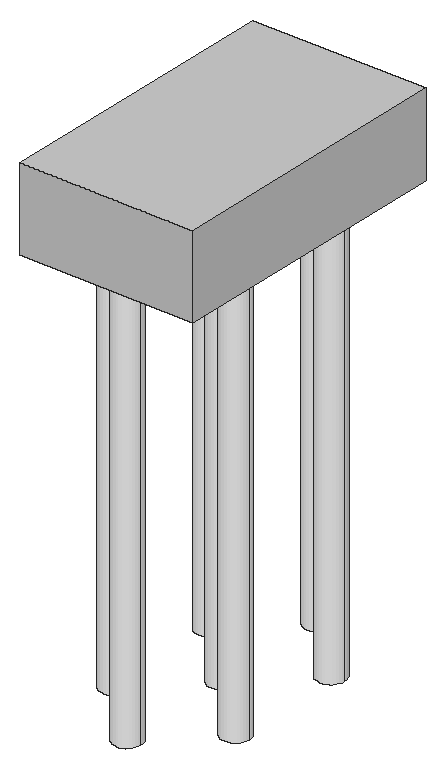
Revit family
Parameters (values of type "4200 x 2500 x 1200mm")
  Width = 2500 mm
  Thickness = 1200 mm
  파일 유형 = M_파일-스틸 파이프 : 400mm 지름
  Length = 4200 mm
  기초 재료 [instance] = 콘크리트 - 현장타설 콘크리트
  절단 = 150 mm
  간격 = 375 mm
  Assembly Code = "A1010130"
Reference planes
  plane 1 "중심(앞/뒤)": y = 0
  plane 2: z = 0
  plane 3 "중심(왼쪽/오른쪽)": x = 0
  plane 4: x = -1250
  plane 5: x = 1250
  plane 6: y = 2100
  plane 7: y = -2100
  plane 8: z = -1200
  plane 9: x = -875
  plane 10: x = 875
  plane 11: y = 1725
  plane 12: y = -1725
  plane 13: y = 862.5
  plane 14: y = -862.5
  plane 15: z = -1050
Forms (mm)
  Extrusion 1, solid, material "콘크리트 - 현장타설 콘크리트" <- "기초 재료"
    sketch origin (0, 0, 0) x (1, 0, 0) y (0, 1, 0)
      loop
        line (-1250, 2100) -> (-1250, -2100) -> (1250, -2100) -> (1250, 2100) -> (-1250, 2100)
    from -1200 to 0
Dimensions and locks
  "Width": plane 4 to plane 5
  "Length": plane 6 to plane 7
  equal spacing: plane 6, plane 1 "중심(앞/뒤)", plane 7
  equal spacing: plane 4, plane 3 "중심(왼쪽/오른쪽)", plane 5
  "Thickness": plane 2 to plane 8
  "간격": plane 4 to plane 9
  "간격": plane 10 to plane 5
  "간격": plane 6 to plane 11
  "간격": plane 7 to plane 12
  equal spacing: plane 12, plane 14, plane 1 "중심(앞/뒤)"
  equal spacing: plane 1 "중심(앞/뒤)", plane 13, plane 11
  "절단": plane 15 to plane 8
  aligned and locked: Extrusion 1 sketch curve to plane 4
  aligned and locked: Extrusion 1 sketch curve to plane 5
  aligned and locked: Extrusion 1 sketch curve to plane 6
  aligned and locked: plane 7 to Extrusion 1 sketch curve
  aligned and locked: level to Extrusion 1
  aligned and locked: Extrusion 1 to plane 8
  aligned and locked: plane 11 to nested 1
  aligned and locked: plane 3 "중심(왼쪽/오른쪽)" to nested 1
  aligned and locked: nested 2 to plane 13
  aligned and locked: nested 2 to plane 9
  aligned and locked: nested 3 to plane 13
  aligned and locked: plane 10 to nested 3
  aligned and locked: plane 1 "중심(앞/뒤)" to nested 4
  aligned and locked: plane 3 "중심(왼쪽/오른쪽)" to nested 4
  aligned and locked: plane 14 to nested 5
  aligned and locked: nested 5 to plane 9
  aligned and locked: plane 14 to nested 6
  aligned and locked: plane 10 to nested 6
  aligned and locked: plane 12 to nested 7
  aligned and locked: plane 3 "중심(왼쪽/오른쪽)" to nested 7
  aligned and locked: plane 15 to nested 2
  aligned and locked: nested 5 to plane 15
  aligned and locked: plane 15 to nested 1
  aligned and locked: plane 15 to nested 7
  aligned and locked: plane 15 to nested 4
  aligned and locked: plane 15 to nested 3
  aligned and locked: plane 15 to nested 6
Nested families
  nested 1: "M_파일-스틸 파이프" at (0, 1725, -1200), type <- "파일 유형", type "400mm 지름"
    with 파일 재료 금속 - 스틸 - 345 MPa
  nested 2: "M_파일-스틸 파이프" at (-875, 862.5, -1200), type <- "파일 유형", type "400mm 지름"
    with 파일 재료 금속 - 스틸 - 345 MPa
  nested 3: "M_파일-스틸 파이프" at (875, 862.5, -1200), type <- "파일 유형", type "400mm 지름"
    with 파일 재료 금속 - 스틸 - 345 MPa
  nested 4: "M_파일-스틸 파이프" at (0, 0, -1200), type <- "파일 유형", type "400mm 지름"
    with 파일 재료 금속 - 스틸 - 345 MPa
  nested 5: "M_파일-스틸 파이프" at (-875, -862.5, -1200), type <- "파일 유형", type "400mm 지름"
    with 파일 재료 금속 - 스틸 - 345 MPa
  nested 6: "M_파일-스틸 파이프" at (875, -862.5, -1200), type <- "파일 유형", type "400mm 지름"
    with 파일 재료 금속 - 스틸 - 345 MPa
  nested 7: "M_파일-스틸 파이프" at (0, -1725, -1200), type <- "파일 유형", type "400mm 지름"
    with 파일 재료 금속 - 스틸 - 345 MPa
Definition of nested family "M_파일-스틸 파이프"
  Parameters (values of type "400mm 지름")
    반지름 = Diameter / 2  # 200 mm
    최소 내포 = 150 mm
    파일 재료 [instance] = 금속 - 스틸 - 345 MPa
    Diameter = 400 mm
    Depth = 6000 mm
    Assembly Code = "A1020130"
  Reference planes
    plane 1 "중심(앞/뒤)": y = 0
    plane 2: z = 0
    plane 3 "중심(왼쪽/오른쪽)": x = 0
    plane 4: z = -6000
    plane 5: z = 150
  Forms (mm)
    Extrusion 1, solid, material "금속 - 스틸 - 345 MPa" <- "파일 재료"
      sketch origin (0, 0, 0) x (1, 0, 0) y (0, 1, 0)
        loop
          circle (0, 0) r 200
      from -6000 to 150
  Dimensions and locks
    "Depth": plane 2 to plane 4
    "최소 내포": plane 5 to plane 2
    "반지름": radius of Extrusion 1 sketch curve
    aligned and locked: Extrusion 1 to plane 4
    aligned and locked: Extrusion 1 to plane 5
  Automatic sketch dimensions
    Extrusion 1 sketch curve to plane 1 "중심(앞/뒤)" = 0 mm
    Extrusion 1 sketch curve to plane 3 "중심(왼쪽/오른쪽)" = 0 mm
